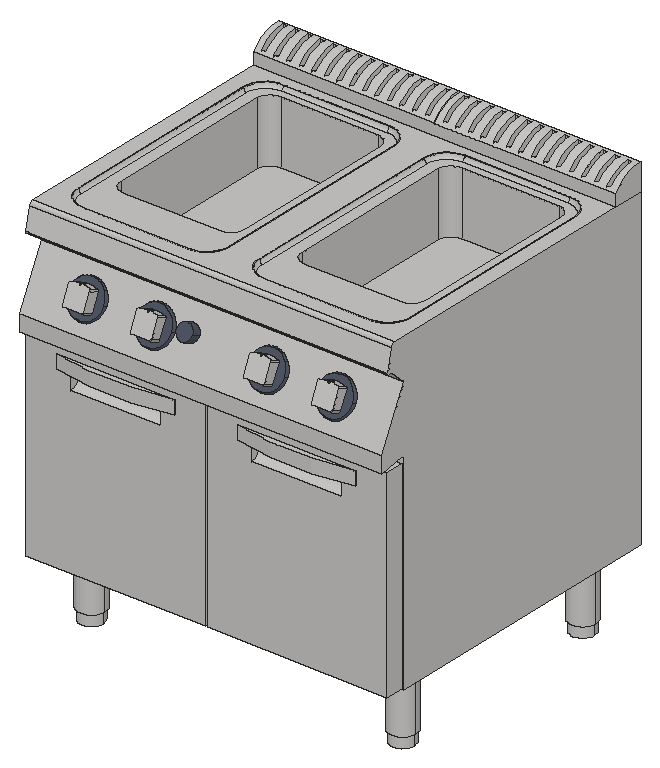
Revit family "QF_ZANUSSI_372091_Z7PCGH2KF0", category Specialty Equipment, Revit 2018 (continued)
Automatic sketch dimensions
  Extrusion 9 sketch curve to Extrusion 9 sketch curve = 9.296 mm
  Extrusion 9 sketch curve to Extrusion 9 sketch curve = 57.15 mm
  plane 1 "BACK" to Extrusion 10 sketch curve = 6.761 mm
  plane 3 "LEFT" to Extrusion 10 sketch curve = 134.118 mm
  Extrusion 10 sketch curve to Extrusion 10 sketch curve = 9.296 mm
  Extrusion 10 sketch curve to Extrusion 10 sketch curve = 57.15 mm
  plane 1 "BACK" to Extrusion 11 sketch curve = 6.761 mm
  plane 3 "LEFT" to Extrusion 11 sketch curve = 161.96 mm
  Extrusion 11 sketch curve to Extrusion 11 sketch curve = 9.296 mm
  Extrusion 11 sketch curve to Extrusion 11 sketch curve = 57.15 mm
  plane 1 "BACK" to Extrusion 12 sketch curve = 6.761 mm
  plane 3 "LEFT" to Extrusion 12 sketch curve = 189.802 mm
  Extrusion 12 sketch curve to Extrusion 12 sketch curve = 9.296 mm
  Extrusion 12 sketch curve to Extrusion 12 sketch curve = 57.15 mm
  plane 1 "BACK" to Extrusion 13 sketch curve = 6.761 mm
  Extrusion 13 sketch curve to plane 7 "Center Y" = 182.405 mm
  Extrusion 13 sketch curve to Extrusion 13 sketch curve = 9.296 mm
  Extrusion 13 sketch curve to Extrusion 13 sketch curve = 57.15 mm
  plane 1 "BACK" to Extrusion 14 sketch curve = 6.761 mm
  Extrusion 14 sketch curve to plane 7 "Center Y" = 154.563 mm
  Extrusion 14 sketch curve to Extrusion 14 sketch curve = 9.296 mm
  Extrusion 14 sketch curve to Extrusion 14 sketch curve = 57.15 mm
  plane 1 "BACK" to Extrusion 15 sketch curve = 6.761 mm
  Extrusion 15 sketch curve to plane 7 "Center Y" = 126.721 mm
  Extrusion 15 sketch curve to Extrusion 15 sketch curve = 9.296 mm
  Extrusion 15 sketch curve to Extrusion 15 sketch curve = 57.15 mm
  plane 1 "BACK" to Extrusion 16 sketch curve = 6.761 mm
  Extrusion 16 sketch curve to plane 7 "Center Y" = 98.878 mm
  Extrusion 16 sketch curve to Extrusion 16 sketch curve = 9.296 mm
  Extrusion 16 sketch curve to Extrusion 16 sketch curve = 57.15 mm
  plane 1 "BACK" to Extrusion 17 sketch curve = 6.761 mm
  Extrusion 17 sketch curve to plane 7 "Center Y" = 71.036 mm
  Extrusion 17 sketch curve to Extrusion 17 sketch curve = 9.296 mm
  Extrusion 17 sketch curve to Extrusion 17 sketch curve = 57.15 mm
  plane 1 "BACK" to Extrusion 18 sketch curve = 6.761 mm
  Extrusion 18 sketch curve to plane 7 "Center Y" = 43.194 mm
  Extrusion 18 sketch curve to Extrusion 18 sketch curve = 9.296 mm
  Extrusion 18 sketch curve to Extrusion 18 sketch curve = 57.15 mm
  Extrusion 20 sketch curve to plane 1 "BACK" = 6.761 mm
  Extrusion 20 sketch curve to plane 7 "Center Y" = 15.351 mm
  Extrusion 20 sketch curve to Extrusion 20 sketch curve = 9.296 mm
  Extrusion 20 sketch curve to Extrusion 20 sketch curve = 57.15 mm
  Extrusion 27 sketch curve to plane 1 "BACK" = 6.761 mm
  Extrusion 27 sketch curve to plane 7 "Center Y" = 182.405 mm
  Extrusion 27 sketch curve to Extrusion 27 sketch curve = 9.296 mm
  Extrusion 27 sketch curve to Extrusion 27 sketch curve = 57.15 mm
  Extrusion 28 sketch curve to plane 1 "BACK" = 6.761 mm
  Extrusion 28 sketch curve to plane 7 "Center Y" = 154.563 mm
  Extrusion 28 sketch curve to Extrusion 28 sketch curve = 9.296 mm
  Extrusion 28 sketch curve to Extrusion 28 sketch curve = 57.15 mm
  Extrusion 29 sketch curve to plane 1 "BACK" = 6.761 mm
  Extrusion 29 sketch curve to plane 7 "Center Y" = 126.721 mm
  Extrusion 29 sketch curve to Extrusion 29 sketch curve = 9.296 mm
  Extrusion 29 sketch curve to Extrusion 29 sketch curve = 57.15 mm
  Extrusion 30 sketch curve to plane 1 "BACK" = 6.761 mm
  Extrusion 30 sketch curve to plane 7 "Center Y" = 98.878 mm
  Extrusion 30 sketch curve to Extrusion 30 sketch curve = 9.296 mm
  Extrusion 30 sketch curve to Extrusion 30 sketch curve = 57.15 mm
  Extrusion 31 sketch curve to plane 1 "BACK" = 6.761 mm
  Extrusion 31 sketch curve to plane 7 "Center Y" = 71.036 mm
  Extrusion 31 sketch curve to Extrusion 31 sketch curve = 9.296 mm
  Extrusion 31 sketch curve to Extrusion 31 sketch curve = 57.15 mm
  Extrusion 32 sketch curve to plane 1 "BACK" = 6.761 mm
  Extrusion 32 sketch curve to plane 7 "Center Y" = 43.194 mm
  Extrusion 32 sketch curve to Extrusion 32 sketch curve = 9.296 mm
  Extrusion 32 sketch curve to Extrusion 32 sketch curve = 57.15 mm
  plane 1 "BACK" to Extrusion 33 sketch curve = 0 mm
  plane 7 "Center Y" to Extrusion 33 sketch curve = 1.587 mm
  Extrusion 33 sketch curve to plane 7 "Center Y" = 1.588 mm
  Extrusion 33 sketch curve to Extrusion 33 sketch curve = 69.85 mm
  Revolve 34 sketch curve to level = 0 mm
  Revolve 34 sketch curve to plane 14 = 0 mm  (x2)
  level to Revolve 34 sketch curve = 25 mm
  plane 3 "LEFT" to Revolve 34 sketch curve = 56 mm
  plane 3 "LEFT" to Revolve 34 sketch curve = 29.75 mm
  plane 3 "LEFT" to Revolve 34 sketch curve = 26 mm
  Revolve 34 sketch curve to Revolve 34 sketch curve = 20 mm
  Revolve 34 sketch curve to Revolve 34 sketch curve = 0 mm
  Revolve 35 sketch curve to level = 0 mm
  Revolve 35 sketch curve to plane 14 = 0 mm  (x2)
  level to Revolve 35 sketch curve = 25 mm
  plane 3 "LEFT" to Revolve 35 sketch curve = 56 mm
  plane 3 "LEFT" to Revolve 35 sketch curve = 29.75 mm
  plane 3 "LEFT" to Revolve 35 sketch curve = 26 mm
  Revolve 35 sketch curve to Revolve 35 sketch curve = 20 mm
  Revolve 35 sketch curve to Revolve 35 sketch curve = 0 mm
  Sweep 40 sketch curve to plane 11 = 2.62 mm  (x2)
  Sweep 40 sketch curve to plane 7 "Center Y" = 33.337 mm
  plane 11 to Sweep 40 sketch curve = 47.38 mm
  Sweep 40 sketch curve to plane 12 = 57.513 mm
  Sweep 40 sketch curve to Sweep 40 sketch curve = 50 mm  (x2)
  plane 3 "LEFT" to Sweep 40 sketch curve = 83.338 mm
  profile plane to Sweep 40 sketch curve = 0 mm
  Sweep 40 sketch curve to plane 10 "TOP A" = 0 mm
  Sweep 40 sketch curve to profile plane = 5.055 mm
  Sweep 40 sketch curve to profile plane = 14.151 mm
  Extrusion 42 sketch curve to plane 5 "FRONT" = 12.909 mm
  Extrusion 42 sketch curve to plane 5 "FRONT" = 15 mm
  Extrusion 42 sketch curve to Extrusion 42 sketch curve = 22 mm
  Extrusion 42 sketch curve to plane 9 "BASE" = 83 mm
  Extrusion 42 sketch curve to Extrusion 42 sketch curve = 26 mm
  Extrusion 43 sketch curve to plane 5 "FRONT" = 15 mm
  Extrusion 43 sketch curve to plane 7 "Center Y" = 69.727 mm
  Extrusion 43 sketch curve to plane 12 = 42.135 mm
  plane 3 "LEFT" to Extrusion 43 sketch curve = 200 mm
  plane 3 "LEFT" to Extrusion 43 sketch curve = 69.727 mm
  Extrusion 43 sketch curve to Extrusion 43 sketch curve = 0.915 mm
  Extrusion 44 sketch curve to plane 5 "FRONT" = 12.909 mm
  Extrusion 44 sketch curve to plane 5 "FRONT" = 15 mm
  Extrusion 44 sketch curve to Extrusion 44 sketch curve = 22 mm
  Extrusion 44 sketch curve to plane 9 "BASE" = 83 mm
  Extrusion 44 sketch curve to Extrusion 44 sketch curve = 26 mm
  Extrusion 47 sketch curve to plane 5 "FRONT" = 9.329 mm
  Extrusion 47 sketch curve to plane 10 "TOP A" = 112.016 mm
  Extrusion 47 sketch curve to Extrusion 47 sketch curve = 3 mm
  Extrusion 47 sketch curve to Extrusion 47 sketch curve = 0 mm
  Extrusion 47 sketch curve to Extrusion 47 sketch curve = 1 mm  (x2)
  Extrusion 47 sketch curve to Extrusion 47 sketch curve = 15 mm
  plane 7 "Center Y" to Extrusion 48 sketch curve = 142.5 mm
  Extrusion 48 sketch curve to Extrusion 48 sketch curve = 35 mm  (x2)
  plane 7 "Center Y" to Extrusion 49 sketch curve = 148 mm
  Extrusion 49 sketch curve to Extrusion 49 sketch curve = 2.997 mm  (x3)
  Extrusion 49 sketch curve to Extrusion 49 sketch curve = 20.003 mm  (x2)
  Extrusion 49 sketch curve to Extrusion 49 sketch curve = 40.005 mm
  Extrusion 49 sketch curve to Extrusion 49 sketch curve = 0 mm  (x2)
  Extrusion 49 sketch curve to Extrusion 49 sketch curve = 40.037 mm
  Extrusion 49 sketch curve to Extrusion 49 sketch curve = 5.399 mm
  plane 7 "Center Y" to Blend 50 sketch curve = 125 mm  (x2)
  Split face 4 sketch curve to Split face 4 sketch curve = 5.909 mm
  Split face 4 sketch curve to Split face 4 sketch curve = 7.246 mm
  Split face 4 sketch curve to Split face 4 sketch curve = 3.443 mm
  Split face 4 sketch curve to Split face 4 sketch curve = 29.925 mm
  Split face 4 sketch curve to Split face 4 sketch curve = 2.301 mm
  Split face 4 sketch curve to Split face 4 sketch curve = 4.103 mm
  Split face 4 sketch curve to Split face 4 sketch curve = 17.932 mm
  Split face 4 sketch curve to Split face 4 sketch curve = 1.038 mm
  Split face 5 sketch curve to Split face 5 sketch curve = 3.262 mm
  Split face 5 sketch curve to Split face 5 sketch curve = 18.383 mm
  Split face 5 sketch curve to Split face 5 sketch curve = 2.301 mm
  Split face 5 sketch curve to Split face 5 sketch curve = 19.446 mm
  Split face 5 sketch curve to Split face 5 sketch curve = 1.519 mm
  Split face 5 sketch curve to Split face 5 sketch curve = 1.27 mm
  Split face 5 sketch curve to Split face 5 sketch curve = 1.944 mm
  Split face 5 sketch curve to Split face 5 sketch curve = 4.176 mm
  Split face 6 sketch curve to Split face 6 sketch curve = 2.301 mm
  Split face 6 sketch curve to Split face 6 sketch curve = 20.366 mm
  Split face 6 sketch curve to Split face 6 sketch curve = 1.542 mm
  Split face 6 sketch curve to Split face 6 sketch curve = 12.353 mm
  Split face 6 sketch curve to Split face 6 sketch curve = 1.391 mm
  Split face 6 sketch curve to Split face 6 sketch curve = 1.838 mm
  Split face 6 sketch curve to Split face 6 sketch curve = 25.358 mm
  Split face 7 sketch curve to Split face 7 sketch curve = 1.002 mm
  Split face 7 sketch curve to Split face 7 sketch curve = 2.982 mm
  Split face 7 sketch curve to Split face 7 sketch curve = 2.127 mm
  Split face 7 sketch curve to Split face 7 sketch curve = 2.188 mm
  Split face 7 sketch curve to Split face 7 sketch curve = 0.76 mm
  Split face 7 sketch curve to Split face 7 sketch curve = 0.795 mm
  Split face 7 sketch curve to Split face 7 sketch curve = 3.192 mm
  Split face 7 sketch curve to Split face 7 sketch curve = 0.559 mm
  Extrusion 51 sketch curve to plane 7 "Center Y" = 47.491 mm
  Extrusion 52 sketch curve to plane 7 "Center Y" = 47.491 mm
  Extrusion 53 sketch curve to plane 5 "FRONT" = 9.329 mm
  Extrusion 53 sketch curve to plane 10 "TOP A" = 112.016 mm
  Extrusion 53 sketch curve to Extrusion 53 sketch curve = 3 mm
  Extrusion 53 sketch curve to Extrusion 53 sketch curve = 0 mm
  Extrusion 53 sketch curve to Extrusion 53 sketch curve = 1 mm  (x2)
  Extrusion 53 sketch curve to Extrusion 53 sketch curve = 15 mm
  Extrusion 57 sketch curve to plane 5 "FRONT" = 9.329 mm
  Extrusion 57 sketch curve to plane 10 "TOP A" = 112.016 mm
  Extrusion 57 sketch curve to Extrusion 57 sketch curve = 3 mm
  Extrusion 57 sketch curve to Extrusion 57 sketch curve = 0 mm
  Extrusion 57 sketch curve to Extrusion 57 sketch curve = 1 mm  (x2)
  Extrusion 57 sketch curve to Extrusion 57 sketch curve = 15 mm
  plane 3 "LEFT" to Extrusion 58 sketch curve = 142.5 mm
  Extrusion 58 sketch curve to Extrusion 58 sketch curve = 35 mm  (x2)
  plane 3 "LEFT" to Extrusion 59 sketch curve = 148 mm
  Extrusion 59 sketch curve to Extrusion 59 sketch curve = 2.997 mm  (x3)
  Extrusion 59 sketch curve to Extrusion 59 sketch curve = 20.003 mm  (x2)
  Extrusion 59 sketch curve to Extrusion 59 sketch curve = 40.005 mm
  Extrusion 59 sketch curve to Extrusion 59 sketch curve = 0 mm  (x2)
  Extrusion 59 sketch curve to Extrusion 59 sketch curve = 40.037 mm
  Extrusion 59 sketch curve to Extrusion 59 sketch curve = 5.399 mm
  plane 3 "LEFT" to Blend 60 sketch curve = 125 mm  (x2)
  Split face 12 sketch curve to Split face 12 sketch curve = 5.909 mm
  Split face 12 sketch curve to Split face 12 sketch curve = 7.246 mm
  Split face 12 sketch curve to Split face 12 sketch curve = 3.443 mm
  Split face 12 sketch curve to Split face 12 sketch curve = 29.925 mm
  Split face 12 sketch curve to Split face 12 sketch curve = 2.301 mm
  Split face 12 sketch curve to Split face 12 sketch curve = 4.103 mm
  Split face 12 sketch curve to Split face 12 sketch curve = 17.932 mm
  Split face 12 sketch curve to Split face 12 sketch curve = 1.038 mm
  Split face 13 sketch curve to Split face 13 sketch curve = 3.262 mm
  Split face 13 sketch curve to Split face 13 sketch curve = 18.383 mm
  Split face 13 sketch curve to Split face 13 sketch curve = 2.301 mm
  Split face 13 sketch curve to Split face 13 sketch curve = 19.446 mm
  Split face 13 sketch curve to Split face 13 sketch curve = 1.519 mm
  Split face 13 sketch curve to Split face 13 sketch curve = 1.27 mm
  Split face 13 sketch curve to Split face 13 sketch curve = 1.944 mm
  Split face 13 sketch curve to Split face 13 sketch curve = 4.176 mm
  Split face 14 sketch curve to Split face 14 sketch curve = 2.301 mm
  Split face 14 sketch curve to Split face 14 sketch curve = 20.366 mm
  Split face 14 sketch curve to Split face 14 sketch curve = 1.542 mm
  Split face 14 sketch curve to Split face 14 sketch curve = 12.353 mm
  Split face 14 sketch curve to Split face 14 sketch curve = 1.391 mm
  Split face 14 sketch curve to Split face 14 sketch curve = 1.838 mm
  Split face 14 sketch curve to Split face 14 sketch curve = 25.358 mm
  Split face 15 sketch curve to Split face 15 sketch curve = 1.002 mm
  Split face 15 sketch curve to Split face 15 sketch curve = 2.982 mm
  Split face 15 sketch curve to Split face 15 sketch curve = 2.127 mm
  Split face 15 sketch curve to Split face 15 sketch curve = 2.188 mm
  Split face 15 sketch curve to Split face 15 sketch curve = 0.76 mm
  Split face 15 sketch curve to Split face 15 sketch curve = 0.795 mm
  Split face 15 sketch curve to Split face 15 sketch curve = 3.192 mm
  Split face 15 sketch curve to Split face 15 sketch curve = 0.559 mm
  Extrusion 61 sketch curve to plane 5 "FRONT" = 9.329 mm
  Extrusion 61 sketch curve to plane 10 "TOP A" = 112.016 mm
  Extrusion 61 sketch curve to Extrusion 61 sketch curve = 3 mm
  Extrusion 61 sketch curve to Extrusion 61 sketch curve = 0 mm
  Extrusion 61 sketch curve to Extrusion 61 sketch curve = 1 mm  (x2)
  Extrusion 61 sketch curve to Extrusion 61 sketch curve = 15 mm
  Extrusion 62 sketch curve to plane 7 "Center Y" = 107.5 mm
  Extrusion 62 sketch curve to Extrusion 62 sketch curve = 35 mm  (x2)
  Extrusion 63 sketch curve to plane 7 "Center Y" = 102 mm
  Extrusion 63 sketch curve to Extrusion 63 sketch curve = 2.997 mm  (x3)
  Extrusion 63 sketch curve to Extrusion 63 sketch curve = 20.003 mm  (x2)
  Extrusion 63 sketch curve to Extrusion 63 sketch curve = 40.005 mm
  Extrusion 63 sketch curve to Extrusion 63 sketch curve = 0 mm  (x2)
  Extrusion 63 sketch curve to Extrusion 63 sketch curve = 40.037 mm
  Extrusion 63 sketch curve to Extrusion 63 sketch curve = 5.399 mm
  Blend 64 sketch curve to plane 7 "Center Y" = 125 mm  (x2)
  Split face 16 sketch curve to Split face 16 sketch curve = 6 mm
  Split face 16 sketch curve to Split face 16 sketch curve = 30.402 mm
  Split face 16 sketch curve to Split face 16 sketch curve = 9.201 mm
  Split face 16 sketch curve to Split face 16 sketch curve = 2.43 mm
  Split face 16 sketch curve to Split face 16 sketch curve = 0.785 mm
  Extrusion 65 sketch curve to plane 9 "BASE" = 0 mm
  plane 7 "Center Y" to Extrusion 65 sketch curve = 2.13 mm
  plane 14 to Extrusion 65 sketch curve = 5 mm
  Extrusion 65 sketch curve to plane 7 "Center Y" = 2.13 mm
  Extrusion 2 sketch curve to plane 10 "TOP A" = 0 mm
  Extrusion 2 sketch curve to plane 1 "BACK" = 0 mm
  Extrusion 2 sketch curve to plane 6 "TOP" = 0 mm
  plane 1 "BACK" to Extrusion 2 sketch curve = 1.769 mm
  plane 10 "TOP A" to Extrusion 2 sketch curve = 25.4 mm
  plane 1 "BACK" to Extrusion 2 sketch curve = 69.85 mm
  Extrusion 3 sketch curve to plane 12 = 7.513 mm  (x3)
  Extrusion 3 sketch curve to plane 4 "RIGHT" = 33.338 mm
  Extrusion 3 sketch curve to plane 12 = 57.513 mm
  Extrusion 3 sketch curve to plane 11 = 2.62 mm  (x3)
  Extrusion 3 sketch curve to Extrusion 3 sketch curve = 50 mm  (x4)
  plane 7 "Center Y" to Extrusion 3 sketch curve = 83.337 mm
  Extrusion 3 sketch curve to plane 7 "Center Y" = 33.337 mm
  plane 3 "LEFT" to Extrusion 3 sketch curve = 83.338 mm  (x2)
  plane 5 "FRONT" to Extrusion 5 sketch curve = 0 mm  (x2)
  plane 1 "BACK" to Extrusion 5 sketch curve = 0 mm
  Extrusion 5 sketch curve to plane 3 "LEFT" = 0 mm
  Extrusion 5 sketch curve to plane 4 "RIGHT" = 0 mm
  Extrusion 5 sketch curve to plane 3 "LEFT" = 150.019 mm
  plane 4 "RIGHT" to Extrusion 5 sketch curve = 150.019 mm
  Extrusion 5 sketch curve to plane 1 "BACK" = 150.019 mm
  curve 128 to curve 150 = 0 mm  (x2)
  curve 130 to curve 144 = 0 mm
  curve 132 to curve 146 = 0 mm  (x2)
  curve 134 to curve 148 = 0 mm  (x2)
  curve 152 to curve 174 = 0 mm  (x2)
  curve 154 to curve 168 = 0 mm  (x2)
  curve 156 to curve 170 = 0 mm  (x2)
  curve 158 to curve 172 = 0 mm
  plane 1 "BACK" to curve 4 = 0 mm
  curve 4 to plane 4 "RIGHT" = 0 mm
  curve 97 to plane 4 "RIGHT" = 0 mm
  plane 5 "FRONT" to curve 98 = 0 mm
  plane 5 "FRONT" to curve 97 = 0 mm
  plane 5 "FRONT" to curve 95 = 0 mm
  plane 5 "FRONT" to curve 96 = 0 mm
  curve 4 to plane 3 "LEFT" = 0 mm
  curve 95 to plane 3 "LEFT" = 0 mm
  plane 5 "FRONT" to curve 5 = 0 mm
  plane 5 "FRONT" to curve 6 = 0 mm
  plane 4 "RIGHT" to curve 3 = 150.019 mm
  curve 52 to plane 4 "RIGHT" = 13.453 mm
  curve 51 to curve 50 = 9.296 mm
  curve 155 to plane 11 = 2.62 mm
  curve 155 to plane 4 "RIGHT" = 33.338 mm
  curve 155 to curve 169 = 5.055 mm
  plane 1 "BACK" to curve 58 = 6.761 mm
  curve 50 to curve 58 = 18.547 mm
  curve 57 to curve 56 = 9.296 mm
  curve 165 to plane 4 "RIGHT" = 63.338 mm
  plane 1 "BACK" to curve 61 = 6.761 mm
  curve 56 to curve 61 = 18.547 mm
  curve 60 to curve 61 = 9.296 mm
  curve 59 to curve 153 = 4.904 mm
  plane 11 to curve 157 = 47.38 mm
  curve 164 to curve 164 = 30 mm
  curve 154 to curve 166 = 10 mm
  plane 1 "BACK" to curve 63 = 6.761 mm
  curve 59 to curve 63 = 18.547 mm
  curve 63 to curve 64 = 9.296 mm
  plane 1 "BACK" to curve 66 = 6.761 mm
  curve 62 to curve 66 = 18.547 mm
  curve 66 to curve 65 = 9.296 mm
  plane 1 "BACK" to curve 69 = 6.761 mm
  curve 65 to curve 69 = 18.547 mm
  curve 69 to curve 70 = 9.296 mm
  plane 1 "BACK" to curve 72 = 6.761 mm
  curve 68 to curve 72 = 18.547 mm
  curve 72 to curve 71 = 9.296 mm
  plane 1 "BACK" to curve 75 = 6.761 mm
  curve 71 to curve 75 = 18.547 mm
  curve 75 to curve 76 = 9.296 mm
  plane 1 "BACK" to curve 79 = 6.761 mm
  curve 74 to curve 79 = 18.547 mm
  curve 78 to curve 79 = 9.296 mm
  plane 1 "BACK" to curve 81 = 6.761 mm
  curve 77 to curve 81 = 18.547 mm
  curve 81 to curve 80 = 9.296 mm
  plane 1 "BACK" to curve 85 = 6.761 mm
  curve 80 to curve 85 = 18.547 mm
  curve 84 to curve 83 = 9.296 mm
  plane 7 "Center Y" to curve 162 = 93.338 mm
  curve 83 to curve 159 = 5.541 mm
  plane 7 "Center Y" to curve 171 = 83.338 mm
  curve 160 to curve 174 = 10 mm
  plane 1 "BACK" to curve 88 = 6.761 mm
  curve 83 to curve 88 = 18.547 mm
  curve 87 to curve 86 = 9.296 mm
  curve 162 to curve 161 = 30.05 mm
  plane 7 "Center Y" to curve 98 = 54.971 mm
  plane 1 "BACK" to curve 91 = 6.761 mm
  curve 86 to curve 91 = 18.547 mm
  curve 90 to curve 89 = 9.296 mm
  curve 173 to plane 12 = 7.563 mm
  curve 160 to curve 173 = 24.895 mm
  plane 1 "BACK" to curve 54 = 6.761 mm
  curve 89 to curve 54 = 18.547 mm
  curve 54 to curve 53 = 9.296 mm
  plane 7 "Center Y" to curve 94 = 1.587 mm
  curve 93 to plane 7 "Center Y" = 1.588 mm
  plane 1 "BACK" to curve 11 = 6.761 mm
  curve 93 to curve 11 = 13.764 mm
  curve 11 to curve 13 = 9.296 mm
  curve 127 to plane 11 = 2.62 mm
  curve 127 to plane 7 "Center Y" = 33.338 mm
  curve 127 to curve 149 = 5.055 mm
  plane 1 "BACK" to curve 47 = 6.761 mm
  curve 12 to curve 47 = 18.547 mm
  curve 47 to curve 49 = 9.296 mm
  curve 96 to plane 7 "Center Y" = 54.971 mm
  curve 137 to plane 7 "Center Y" = 63.337 mm
  plane 1 "BACK" to curve 46 = 6.761 mm
  curve 48 to curve 46 = 18.547 mm
  curve 44 to curve 46 = 9.296 mm
  curve 148 to curve 148 = 44.945 mm
  curve 150 to plane 12 = 7.513 mm
  curve 137 to curve 150 = 20 mm
  curve 143 to curve 135 = 10 mm
  curve 137 to curve 139 = 30 mm
  plane 1 "BACK" to curve 41 = 6.761 mm
  curve 45 to curve 41 = 18.547 mm
  curve 41 to curve 42 = 9.296 mm
  plane 1 "BACK" to curve 40 = 6.761 mm
  curve 42 to curve 40 = 18.547 mm
  curve 38 to curve 40 = 9.296 mm
  plane 1 "BACK" to curve 35 = 6.761 mm
  curve 39 to curve 35 = 18.547 mm
  curve 35 to curve 37 = 9.296 mm
  plane 1 "BACK" to curve 34 = 6.761 mm
  curve 36 to curve 34 = 18.547 mm
  curve 32 to curve 34 = 9.296 mm
  plane 1 "BACK" to curve 31 = 6.761 mm
  curve 33 to curve 31 = 18.547 mm
  curve 29 to curve 30 = 9.296 mm
  plane 1 "BACK" to curve 28 = 6.761 mm
  curve 30 to curve 28 = 18.547 mm
  curve 26 to curve 28 = 9.296 mm
  plane 1 "BACK" to curve 23 = 6.761 mm
  curve 27 to curve 23 = 18.547 mm
  curve 23 to curve 25 = 9.296 mm
  plane 1 "BACK" to curve 20 = 6.761 mm
  curve 24 to curve 20 = 18.547 mm
  curve 20 to curve 22 = 9.296 mm
  plane 3 "LEFT" to curve 139 = 93.338 mm
  curve 142 to plane 12 = 7.513 mm
  curve 21 to curve 142 = 3.642 mm
  curve 146 to plane 11 = 2.62 mm
  curve 139 to curve 146 = 10 mm
  curve 142 to curve 143 = 10 mm
  plane 1 "BACK" to curve 17 = 6.761 mm
  curve 21 to curve 17 = 18.547 mm
  curve 17 to curve 18 = 9.296 mm
  curve 144 to curve 141 = 20 mm
  plane 1 "BACK" to curve 14 = 6.761 mm
  curve 18 to curve 14 = 18.547 mm
  curve 14 to curve 15 = 9.296 mm
  plane 1 "BACK" to curve 9 = 6.761 mm
  curve 15 to curve 9 = 18.547 mm
  curve 7 to curve 9 = 9.296 mm
  curve 1 to plane 3 "LEFT" = 150.019 mm
  curve 2 to plane 1 "BACK" = 150.019 mm
  plane 1 "BACK" to curve 50 = 6.761 mm
  curve 11 to curve 10 = 63.089 mm
  curve 10 to curve 94 = 0 mm
  curve 167 to curve 159 = 14.945 mm
  curve 161 to curve 158 = 80 mm
  curve 140 to curve 132 = 80 mm
  curve 95 to plane 5 "FRONT" = 42.863 mm
  curve 97 to plane 5 "FRONT" = 42.863 mm
  plane 5 "FRONT" to curve 96 = 156.356 mm
  curve 95 to curve 98 = 0 mm
  curve 98 to curve 157 = 9.097 mm
  curve 60 to curve 154 = 26.213 mm
  curve 62 to curve 154 = 26.213 mm
  curve 62 to curve 63 = 0 mm
  curve 59 to curve 60 = 0 mm
  curve 60 to curve 57 = 0 mm
  curve 56 to curve 57 = 0 mm
  curve 54 to curve 92 = 5.939 mm
  curve 65 to curve 62 = 0 mm
  curve 65 to curve 66 = 0 mm
  curve 53 to curve 54 = 0 mm
  curve 51 to curve 94 = 5.939 mm
  curve 50 to curve 51 = 0 mm
  curve 48 to curve 128 = 26.213 mm
  curve 68 to curve 65 = 0 mm
  curve 68 to curve 69 = 0 mm
  curve 48 to curve 47 = 0 mm
  curve 45 to curve 128 = 26.213 mm
  curve 45 to curve 44 = 0 mm
  curve 42 to curve 45 = 0 mm
  curve 71 to curve 68 = 0 mm
  curve 71 to curve 72 = 0 mm
  curve 42 to curve 41 = 0 mm
  curve 39 to curve 42 = 0 mm
  curve 39 to curve 38 = 0 mm
  curve 36 to curve 39 = 0 mm
  curve 74 to curve 71 = 0 mm
  curve 74 to curve 75 = 0 mm
  curve 36 to curve 35 = 0 mm
  curve 33 to curve 36 = 0 mm
  curve 33 to curve 32 = 0 mm
  curve 30 to curve 33 = 0 mm
  curve 77 to curve 74 = 0 mm
  curve 77 to curve 78 = 0 mm
  curve 30 to curve 29 = 0 mm
  curve 27 to curve 30 = 0 mm
  curve 27 to curve 26 = 0 mm
  curve 24 to curve 27 = 0 mm
  curve 80 to curve 77 = 0 mm
  curve 80 to curve 81 = 0 mm
  curve 24 to curve 23 = 0 mm
  curve 21 to curve 24 = 0 mm
  curve 21 to curve 20 = 0 mm
  curve 18 to curve 21 = 0 mm
  curve 83 to curve 80 = 0 mm
  curve 83 to curve 84 = 0 mm
  curve 18 to curve 17 = 0 mm
  curve 15 to curve 18 = 0 mm
  curve 15 to curve 14 = 0 mm
  curve 47 to curve 12 = 0 mm
  curve 86 to curve 83 = 0 mm
  curve 86 to curve 87 = 0 mm
  curve 12 to curve 11 = 0 mm
  curve 7 to curve 15 = 0 mm
  curve 90 to curve 86 = 0 mm
  curve 8 to curve 7 = 0 mm
  curve 89 to curve 90 = 0 mm
  plane 5 "FRONT" to curve 1 = 1.377 mm
  plane 5 "FRONT" to curve 3 = 1.377 mm
  Extrusion 19 sketch curve to plane 1 "BACK" = 6.761 mm
  plane 4 "RIGHT" to Extrusion 19 sketch curve = 22.749 mm
  Extrusion 19 sketch curve to Extrusion 19 sketch curve = 9.296 mm
  Extrusion 19 sketch curve to Extrusion 19 sketch curve = 57.15 mm
  Extrusion 21 sketch curve to plane 1 "BACK" = 6.761 mm
  plane 4 "RIGHT" to Extrusion 21 sketch curve = 50.591 mm
  Extrusion 21 sketch curve to Extrusion 21 sketch curve = 9.296 mm
  Extrusion 21 sketch curve to Extrusion 21 sketch curve = 57.15 mm
  Extrusion 22 sketch curve to plane 1 "BACK" = 6.761 mm
  plane 4 "RIGHT" to Extrusion 22 sketch curve = 78.433 mm
  Extrusion 22 sketch curve to Extrusion 22 sketch curve = 9.296 mm
  Extrusion 22 sketch curve to Extrusion 22 sketch curve = 57.15 mm
  Extrusion 23 sketch curve to plane 1 "BACK" = 6.761 mm
  plane 4 "RIGHT" to Extrusion 23 sketch curve = 106.275 mm
  Extrusion 23 sketch curve to Extrusion 23 sketch curve = 9.296 mm
  Extrusion 23 sketch curve to Extrusion 23 sketch curve = 57.15 mm
  Extrusion 24 sketch curve to plane 1 "BACK" = 6.761 mm
  plane 4 "RIGHT" to Extrusion 24 sketch curve = 134.118 mm
  Extrusion 24 sketch curve to Extrusion 24 sketch curve = 9.296 mm
  Extrusion 24 sketch curve to Extrusion 24 sketch curve = 57.15 mm
  Extrusion 25 sketch curve to plane 1 "BACK" = 6.761 mm
  plane 4 "RIGHT" to Extrusion 25 sketch curve = 161.96 mm
  Extrusion 25 sketch curve to Extrusion 25 sketch curve = 9.296 mm
  Extrusion 25 sketch curve to Extrusion 25 sketch curve = 57.15 mm
  Extrusion 26 sketch curve to plane 1 "BACK" = 6.761 mm
  plane 4 "RIGHT" to Extrusion 26 sketch curve = 189.802 mm
  Extrusion 26 sketch curve to Extrusion 26 sketch curve = 9.296 mm
  Extrusion 26 sketch curve to Extrusion 26 sketch curve = 57.15 mm
  Revolve 36 sketch curve to level = 0 mm
  Revolve 36 sketch curve to plane 14 = 0 mm  (x2)
  level to Revolve 36 sketch curve = 25 mm
  Revolve 36 sketch curve to plane 4 "RIGHT" = 26 mm
  Revolve 36 sketch curve to Revolve 36 sketch curve = 3.75 mm
  Revolve 36 sketch curve to Revolve 36 sketch curve = 30 mm
  Revolve 36 sketch curve to Revolve 36 sketch curve = 20 mm
  Revolve 36 sketch curve to Revolve 36 sketch curve = 0 mm
  Revolve 37 sketch curve to level = 0 mm
  Revolve 37 sketch curve to plane 14 = 0 mm  (x2)
  level to Revolve 37 sketch curve = 25 mm
  Revolve 37 sketch curve to plane 4 "RIGHT" = 26 mm
  Revolve 37 sketch curve to Revolve 37 sketch curve = 3.75 mm
  Revolve 37 sketch curve to Revolve 37 sketch curve = 30 mm
  plane 14 to Revolve 37 sketch curve = 20 mm
  Revolve 37 sketch curve to Revolve 37 sketch curve = 0 mm
  Extrusion 38 sketch curve to plane 11 = 16.884 mm
  Extrusion 39 sketch curve to plane 11 = 2.62 mm  (x4)
  Extrusion 39 sketch curve to plane 4 "RIGHT" = 33.338 mm
  Extrusion 39 sketch curve to plane 4 "RIGHT" = 63.338 mm
  Extrusion 39 sketch curve to plane 12 = 7.513 mm  (x6)
  Extrusion 39 sketch curve to Extrusion 39 sketch curve = 20 mm  (x2)
  plane 11 to Extrusion 39 sketch curve = 47.38 mm
  Extrusion 39 sketch curve to Extrusion 39 sketch curve = 30 mm  (x4)
  Extrusion 39 sketch curve to Extrusion 39 sketch curve = 10 mm  (x5)
  plane 7 "Center Y" to Extrusion 39 sketch curve = 93.337 mm  (x2)
  plane 7 "Center Y" to Extrusion 39 sketch curve = 83.337 mm
  Extrusion 39 sketch curve to plane 7 "Center Y" = 33.338 mm
  Extrusion 39 sketch curve to Extrusion 39 sketch curve = 50 mm
  plane 3 "LEFT" to Extrusion 39 sketch curve = 93.338 mm
  Extrusion 39 sketch curve to Extrusion 39 sketch curve = 80 mm  (x2)
  Sweep 41 sketch curve to plane 11 = 2.62 mm  (x2)
  plane 7 "Center Y" to Sweep 41 sketch curve = 33.337 mm
  plane 11 to Sweep 41 sketch curve = 47.38 mm
  Sweep 41 sketch curve to plane 12 = 57.513 mm
  Sweep 41 sketch curve to Sweep 41 sketch curve = 50 mm  (x2)
  Sweep 41 sketch curve to plane 4 "RIGHT" = 83.338 mm
  Sweep 41 sketch curve to plane 10 "TOP A" = 0 mm
  profile plane to Sweep 41 sketch curve = 0 mm
  Sweep 41 sketch curve to Sweep 41 sketch curve = 5.055 mm
  Sweep 41 sketch curve to Sweep 41 sketch curve = 14.151 mm
  Extrusion 45 sketch curve to plane 5 "FRONT" = 15 mm
  Extrusion 45 sketch curve to plane 4 "RIGHT" = 69.727 mm
  Extrusion 45 sketch curve to plane 12 = 42.135 mm
  Extrusion 45 sketch curve to plane 4 "RIGHT" = 200 mm
  plane 7 "Center Y" to Extrusion 45 sketch curve = 69.727 mm
  Extrusion 45 sketch curve to Extrusion 45 sketch curve = 0.915 mm
  Extrusion 46 sketch curve to plane 4 "RIGHT" = 0 mm
  Extrusion 46 sketch curve to plane 3 "LEFT" = 0 mm
  Extrusion 46 sketch curve to plane 4 "RIGHT" = 12.169 mm
  plane 7 "Center Y" to Extrusion 46 sketch curve = 2.13 mm
  Extrusion 46 sketch curve to plane 7 "Center Y" = 2.13 mm
  plane 3 "LEFT" to Extrusion 46 sketch curve = 12.169 mm
  Extrusion 46 sketch curve to plane 5 "FRONT" = 27.6 mm
  Extrusion 46 sketch curve to Extrusion 46 sketch curve = 0 mm
  Extrusion 46 sketch curve to Extrusion 46 sketch curve = 0.091 mm  (x2)
  Extrusion 54 sketch curve to plane 4 "RIGHT" = 107.5 mm
  Extrusion 54 sketch curve to Extrusion 54 sketch curve = 35 mm  (x2)
  Extrusion 55 sketch curve to plane 4 "RIGHT" = 102 mm
  Extrusion 55 sketch curve to Extrusion 55 sketch curve = 2.997 mm  (x3)
  Extrusion 55 sketch curve to Extrusion 55 sketch curve = 20.003 mm  (x2)
  Extrusion 55 sketch curve to Extrusion 55 sketch curve = 40.005 mm
  Extrusion 55 sketch curve to Extrusion 55 sketch curve = 0 mm  (x2)
  Extrusion 55 sketch curve to Extrusion 55 sketch curve = 40.037 mm
  Extrusion 55 sketch curve to Extrusion 55 sketch curve = 5.399 mm
  Blend 56 sketch curve to plane 4 "RIGHT" = 125 mm  (x2)
  Split face 8 sketch curve to Split face 8 sketch curve = 6 mm
  Split face 8 sketch curve to Split face 8 sketch curve = 30.402 mm
  Split face 8 sketch curve to Split face 8 sketch curve = 9.201 mm
  Split face 8 sketch curve to Split face 8 sketch curve = 2.43 mm
  Split face 8 sketch curve to Split face 8 sketch curve = 0.785 mm
  curve 132 to curve 96 = 9.097 mm
  curve 210 to plane 3 "LEFT" = 0 mm
  curve 175 to plane 3 "LEFT" = 0 mm
  curve 175 to plane 4 "RIGHT" = 0 mm
  curve 244 to plane 4 "RIGHT" = 0 mm
  plane 3 "LEFT" to curve 176 = 102 mm
  curve 177 to curve 177 = 0.809 mm
  curve 180 to curve 180 = 1.583 mm
  curve 177 to curve 178 = 1.846 mm
  curve 177 to curve 191 = 2.189 mm
  curve 176 to curve 179 = 11.892 mm
  curve 180 to curve 182 = 20.417 mm
  curve 191 to curve 181 = 19.134 mm
  curve 181 to curve 190 = 1.738 mm
  curve 182 to curve 184 = 2 mm
  curve 179 to curve 188 = 22.215 mm
  curve 183 to curve 191 = 19.003 mm
  curve 187 to curve 187 = 0.343 mm
  curve 187 to curve 189 = 1.071 mm
  curve 187 to curve 186 = 2.189 mm
  curve 186 to curve 185 = 0.809 mm
  curve 185 to curve 201 = 104 mm
  curve 202 to curve 202 = 0.809 mm
  curve 205 to curve 205 = 1.583 mm
  curve 202 to curve 203 = 1.846 mm
  curve 202 to curve 207 = 2.189 mm
  curve 201 to curve 204 = 11.892 mm
  curve 205 to curve 200 = 20.417 mm
  curve 207 to curve 206 = 19.134 mm
  curve 206 to curve 197 = 1.738 mm
  curve 199 to curve 199 = 2 mm
  curve 204 to curve 195 = 22.215 mm
  curve 198 to curve 207 = 19.003 mm
  curve 194 to curve 194 = 0.343 mm
  curve 194 to curve 196 = 1.071 mm
  curve 194 to curve 193 = 2.189 mm
  curve 193 to curve 192 = 0.809 mm
  plane 7 "Center Y" to curve 211 = 102 mm
  curve 212 to curve 212 = 0.809 mm
  curve 215 to curve 215 = 1.583 mm
  curve 212 to curve 213 = 1.846 mm
  curve 212 to curve 226 = 2.189 mm
  curve 211 to curve 214 = 11.892 mm
  curve 215 to curve 218 = 20.417 mm
  curve 213 to curve 216 = 19.134 mm
  curve 216 to curve 225 = 1.738 mm
  curve 217 to curve 219 = 2 mm
  curve 214 to curve 223 = 22.215 mm
  curve 218 to curve 226 = 19.003 mm
  curve 226 to curve 222 = 0.343 mm
  curve 222 to curve 224 = 1.071 mm
  curve 226 to curve 221 = 2.189 mm
  curve 221 to curve 220 = 0.809 mm
  curve 220 to curve 236 = 104 mm
  curve 237 to curve 237 = 0.809 mm
  curve 240 to curve 240 = 1.583 mm
  curve 237 to curve 238 = 1.846 mm
  curve 237 to curve 242 = 2.189 mm
  curve 236 to curve 239 = 11.892 mm
  curve 240 to curve 235 = 20.417 mm
  curve 238 to curve 241 = 19.134 mm
  curve 241 to curve 232 = 1.738 mm
  curve 234 to curve 234 = 2 mm
  curve 239 to curve 230 = 22.215 mm
  curve 233 to curve 242 = 19.003 mm
  curve 242 to curve 229 = 0.343 mm
  curve 229 to curve 231 = 1.071 mm
  curve 242 to curve 228 = 2.189 mm
  curve 228 to curve 227 = 0.809 mm
  plane 5 "FRONT" to curve 197 = 97.519 mm
  curve 206 to curve 197 = 0 mm
  curve 197 to curve 225 = 0 mm
  curve 181 to curve 206 = 0 mm
  curve 181 to curve 190 = 0 mm
  curve 216 to curve 225 = 0 mm
  curve 225 to curve 241 = 0 mm
  curve 241 to curve 232 = 0 mm
  curve 206 to curve 207 = 86.839 mm
  curve 232 to curve 242 = 86.839 mm
  curve 181 to curve 191 = 86.839 mm
  curve 216 to curve 226 = 86.839 mm
  curve 242 to curve 236 = 1.333 mm
  curve 226 to curve 220 = 1.333 mm
  curve 203 to curve 202 = 1.333 mm
  curve 187 to curve 185 = 1.333 mm
  curve 226 to curve 212 = 1.333 mm
  curve 242 to curve 228 = 1.333 mm
  curve 194 to curve 192 = 1.333 mm
  curve 178 to curve 176 = 1.333 mm
  curve 202 to curve 203 = 2.779 mm
  curve 237 to curve 238 = 2.779 mm
  curve 221 to curve 222 = 2.779 mm
  curve 193 to curve 194 = 2.779 mm
  curve 228 to curve 229 = 2.779 mm
  curve 186 to curve 187 = 2.779 mm
  curve 177 to curve 178 = 2.779 mm
  curve 212 to curve 213 = 2.779 mm
  curve 194 to curve 196 = 14.462 mm
  curve 238 to curve 240 = 14.462 mm
  curve 229 to curve 231 = 14.462 mm
  curve 222 to curve 224 = 14.462 mm
  curve 187 to curve 189 = 14.462 mm
  curve 213 to curve 215 = 14.462 mm
  curve 178 to curve 180 = 14.462 mm
  curve 203 to curve 205 = 14.462 mm
  curve 224 to curve 219 = 1.435 mm
  curve 180 to curve 183 = 1.435 mm
  curve 205 to curve 200 = 1.435 mm
  curve 231 to curve 233 = 1.435 mm
  curve 183 to curve 188 = 41.91 mm
  curve 234 to curve 239 = 41.91 mm
  curve 217 to curve 214 = 41.91 mm
  curve 239 to curve 230 = 0 mm
  curve 198 to curve 195 = 41.91 mm
  curve 179 to curve 188 = 0 mm
  curve 204 to curve 195 = 0 mm
  curve 214 to curve 223 = 0 mm
  plane 3 "LEFT" to curve 99 = 13.453 mm
  curve 99 to curve 99 = 9.296 mm
  curve 99 to curve 101 = 18.547 mm
  curve 101 to curve 101 = 9.296 mm
  curve 101 to curve 102 = 18.547 mm
  curve 102 to curve 102 = 9.296 mm
  curve 179 to curve 176 = 9.809 mm
  curve 102 to curve 103 = 18.547 mm
  curve 181 to curve 180 = 0.284 mm
  curve 103 to curve 103 = 9.296 mm
  curve 103 to curve 104 = 18.547 mm
  curve 104 to curve 104 = 9.296 mm
  curve 189 to curve 189 = 0.284 mm
  curve 104 to curve 105 = 18.547 mm
  curve 185 to curve 188 = 9.809 mm
  curve 105 to curve 105 = 9.296 mm
  curve 105 to curve 106 = 18.547 mm
  curve 106 to curve 106 = 9.296 mm
  curve 106 to curve 107 = 18.547 mm
  curve 107 to curve 107 = 9.296 mm
  curve 107 to curve 108 = 18.547 mm
  curve 204 to curve 201 = 9.809 mm
  curve 108 to curve 108 = 9.296 mm
  curve 205 to curve 205 = 0.284 mm
  curve 108 to curve 109 = 18.547 mm
  curve 109 to curve 109 = 9.296 mm
  curve 109 to curve 110 = 18.547 mm
  curve 196 to curve 197 = 0.284 mm
  curve 110 to curve 110 = 9.296 mm
  curve 192 to curve 195 = 9.809 mm
  curve 110 to curve 111 = 18.547 mm
  curve 111 to curve 111 = 9.296 mm
  curve 111 to curve 112 = 18.547 mm
  curve 112 to curve 112 = 9.296 mm
  curve 112 to curve 100 = 18.547 mm
  curve 100 to curve 100 = 9.296 mm
  plane 7 "Center Y" to curve 114 = 15.351 mm
  curve 114 to curve 114 = 9.296 mm
  curve 114 to curve 126 = 18.547 mm
  curve 126 to curve 126 = 9.296 mm
  curve 126 to curve 125 = 18.547 mm
  curve 125 to curve 125 = 9.296 mm
  curve 214 to curve 211 = 9.809 mm
  curve 125 to curve 124 = 18.547 mm
  curve 216 to curve 215 = 0.284 mm
  curve 124 to curve 124 = 9.296 mm
  curve 124 to curve 123 = 18.547 mm
  curve 123 to curve 123 = 9.296 mm
  curve 224 to curve 225 = 0.284 mm
  curve 123 to curve 122 = 18.547 mm
  curve 220 to curve 223 = 9.809 mm
  curve 122 to curve 122 = 9.296 mm
  curve 122 to curve 121 = 18.547 mm
  curve 121 to curve 121 = 9.296 mm
  curve 121 to curve 120 = 18.547 mm
  curve 120 to curve 120 = 9.296 mm
  curve 120 to curve 119 = 18.547 mm
  curve 239 to curve 236 = 9.809 mm
  curve 119 to curve 119 = 9.296 mm
  curve 241 to curve 240 = 0.284 mm
  curve 119 to curve 118 = 18.547 mm
  curve 118 to curve 118 = 9.296 mm
  curve 118 to curve 117 = 18.547 mm
  curve 231 to curve 232 = 0.284 mm
  curve 117 to curve 117 = 9.296 mm
  curve 227 to curve 230 = 9.809 mm
  curve 117 to curve 116 = 18.547 mm
  curve 116 to curve 116 = 9.296 mm
  curve 116 to curve 115 = 18.547 mm
  curve 115 to curve 115 = 9.296 mm
  curve 115 to curve 113 = 18.547 mm
  curve 113 to curve 113 = 9.296 mm
  curve 178 to curve 210 = 6.567 mm
  curve 238 to curve 243 = 6.567 mm
  curve 229 to curve 244 = 6.567 mm
  curve 187 to curve 208 = 6.567 mm
  curve 194 to curve 209 = 6.567 mm
  curve 215 to curve 215 = 0.567 mm
  curve 196 to curve 196 = 0.567 mm
  curve 205 to curve 205 = 0.567 mm
  curve 189 to curve 189 = 0.567 mm
  curve 240 to curve 240 = 0.567 mm
  curve 231 to curve 231 = 0.567 mm
  curve 224 to curve 224 = 0.567 mm
  curve 180 to curve 180 = 0.567 mm
  curve 216 to curve 214 = 1.156 mm
  plane 1 "BACK" to curve 120 = 63.911 mm
  curve 121 to curve 120 = 0 mm
  plane 1 "BACK" to curve 116 = 63.911 mm
  curve 116 to curve 115 = 0 mm
  curve 122 to curve 121 = 0 mm
  plane 1 "BACK" to curve 114 = 63.911 mm
  curve 117 to curve 116 = 0 mm
  curve 115 to curve 113 = 0 mm
  curve 112 to curve 114 = 0 mm
  curve 111 to curve 112 = 0 mm
  curve 118 to curve 117 = 0 mm
  curve 123 to curve 122 = 0 mm
  curve 110 to curve 111 = 0 mm
  curve 109 to curve 110 = 0 mm
  curve 124 to curve 123 = 0 mm
  curve 108 to curve 109 = 0 mm
  curve 107 to curve 108 = 0 mm
  curve 125 to curve 124 = 0 mm
  curve 106 to curve 107 = 0 mm
  curve 105 to curve 106 = 0 mm
  curve 104 to curve 105 = 0 mm
  curve 103 to curve 104 = 0 mm
  curve 119 to curve 118 = 0 mm
  curve 126 to curve 125 = 0 mm
  curve 102 to curve 103 = 0 mm
  curve 101 to curve 102 = 0 mm
  curve 112 to curve 100 = 0 mm
  curve 99 to curve 101 = 0 mm
  radius of Blend 50 sketch curve = 42.5 mm
  radius of Blend 50 sketch curve = 40.5 mm
  radius of Split face 1 sketch curve = 1.714 mm
  radius of Split face 2 sketch curve = 2 mm
  radius of Split face 3 sketch curve = 2 mm
  radius of Extrusion 51 sketch curve = 18 mm
  radius of Extrusion 52 sketch curve = 15 mm
  radius of Blend 60 sketch curve = 42.5 mm
  radius of Blend 60 sketch curve = 40.5 mm
  radius of Split face 9 sketch curve = 1.714 mm
  radius of Split face 10 sketch curve = 2 mm
  radius of Split face 11 sketch curve = 2 mm
  radius of Blend 64 sketch curve = 42.5 mm
  radius of Blend 64 sketch curve = 40.5 mm
  radius of Extrusion 38 sketch curve = 6.35 mm  (x2)
  radius of Extrusion 38 sketch curve = 12.7 mm  (x2)
  radius of Blend 56 sketch curve = 42.5 mm
  radius of Blend 56 sketch curve = 40.5 mm
Connectors
  piping at (632, -581, 137.3), diameter 25.4
    settings: on Extrusion 38, index 1, connector inside diameter 1", connector length 0 mm, flow factor 0, pipe flow 0 GPM, pressure drop 0.00 psi, fitting loss kfactor 0, connector angle 0.00°, fixture units 0, engagement length 0 mm, angle of deflection 0.00°, flow configuration 1, flow direction 2, fitting loss method 0, system type 16, joint type 0, gender type 0, connector reference index -1, connector utility 0, adjustable connector no, is connector primary yes, connector description "Drain"
  piping at (735, -501, 137.3), diameter 12.7, driven by "Cold Water Size"
    settings: on Extrusion 38, index 2, connector inside diameter 0.50394", connector length 0 mm, flow factor 0, pipe flow 0 GPM, pressure drop 0.00 psi, fitting loss kfactor 0, connector angle 0.00°, fixture units 0, engagement length 0 mm, angle of deflection 0.00°, flow configuration 1, flow direction 1, fitting loss method 0, system type 20, joint type 0, gender type 0, connector reference index -1, connector utility 0, adjustable connector no, is connector primary no, connector description "Cold Water Inlet"
  piping at (232, -581, 137.3), diameter 25.4
    settings: on Extrusion 38, index 3, connector inside diameter 1", connector length 0 mm, flow factor 0, pipe flow 0 GPM, pressure drop 0.00 psi, fitting loss kfactor 0, connector angle 0.00°, fixture units 0, engagement length 0 mm, angle of deflection 0.00°, flow configuration 1, flow direction 2, fitting loss method 0, system type 16, joint type 0, gender type 0, connector reference index -1, connector utility 0, adjustable connector no, is connector primary no, connector description "Drain"
  piping at (65, -503, 137.3), diameter 12.8
    settings: on Extrusion 38, index 4, connector inside diameter 0.50394", connector length 0 mm, flow factor 0, pipe flow 0 GPM, pressure drop 0.00 psi, fitting loss kfactor 0, connector angle 0.00°, fixture units 0, engagement length 0 mm, angle of deflection 0.00°, flow configuration 1, flow direction 1, fitting loss method 0, system type 7, joint type 0, gender type 0, connector reference index -1, connector utility 0, adjustable connector no, is connector primary no, connector description "Gas Inlet"
